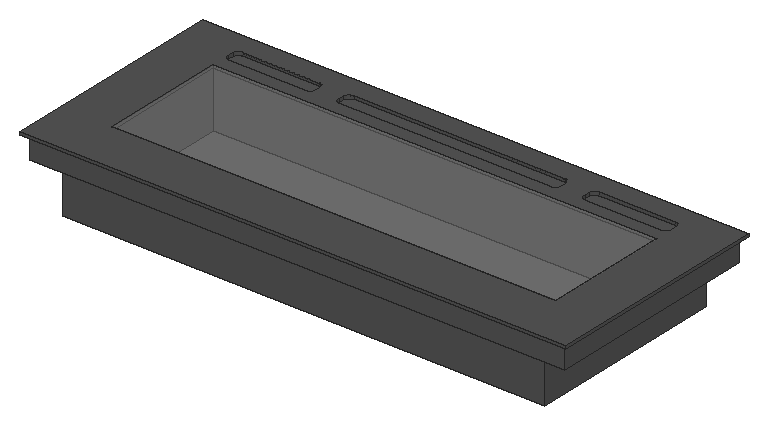
Revit family "Fireplace_Electric_Heatilator_SimpliFire-Allusion", category Generic Models, host Face, Revit 2015
Parameters (values of type "39 x 11 Viewing Area")
  Warranty Duration (Years) = 0
  Unit Width = 4' - 0 7/16"
  Unit Weight = 0
  Unit Height = 1' - 8 1/4"
  URL = "http://www.heatilator.com/"
  Test Data = ""
  Standards Conformance = "CSA 22.2 46-M1988"
  Specification = "http://www.arcat.com/sdspecs/htm04/10_31_08hea.htm"
  SpecWizard = ""
  Send Message = "http://www.arcat.com/users.pl?action=UserEmail&amp;company=Heatilator<sup><small></small></sup>&amp;coid=49248&amp;rep=144&amp;fax=&amp;mf=95"
  Sales Information = "http://www.heatilator.com/Contact-Us.aspx"
  Revision = "R1_2018-05"
  Rear Width = 3' - 6 13/16"
  Rear Second Width = 3' - 11 1/2"
  Rear Second Height = 1' - 7 3/8"
  Rear Height = 1' - 5 13/16"
  Product Properties = ""
  Product Data = "http://www.arcat.com/arcatcos/cos9549/arc49248.html"
  Opening Width = 3' - 3 3/8"
  Opening Height = 0' - 11 1/4"
  Mounting Height [instance] = 2' - 0"
  Mounted_Wall [instance] = yes
  Mounted_Partial Recess [instance] = no
  Mounted_Full Recess [instance] = no
  Model = "SF-ALL48-BK"
  Manufacturer Website = "http://www.heatilator.com/"
  Manufacturer Phone - Toll Free = "800-927-6841"
  Manufacturer Phone = ""
  Manufacturer Fax = ""
  Manufacturer Address = "7571 215th St. W.  Lakeville, MN 55044"
  Manufacturer = "Heatilator"
  Maintenance Schedule (Months) = 0
  Keynote = "10305"
  Installation-Fabrication = ""
  Installation Phase = ""
  HVAC_BTU Output = 4800.0 Btu/h
  HVAC_BTU Input [instance] = 5000.0 Btu/h
  Green Building-LEED = ""
  Glazing Tint [instance] = Glass - HHT - Clear
  Fuel Type = "120V or 240V"
  Fixture Finish [instance] = Metal - HHT - Black
  Expected Lifespan (Years) = 0
  Electrical_Wattage = 1500 W
  Electrical_Voltage = 120 V
  Electrical_Phase = 1
  Electrical_Frequency = 60 Hz
  Electrical_Amperage = 12.5 A
  Efficiency Ratings = "as Specified"
  Drawn By = "Sumex Design, Inc. / Robert S. Weygant, CSI, CDT, SCIP"
  Description = "Heatilator Electric Fireplace - Simplifire Allusion 48 as Specified"
  Offset from Wall [instance] = if(Mounted_Wall, 0' 6", if(Mounted_Partial Recess, 0' 2", 0' 0"))  # 0' - 6"
  Default Elevation = 0' - 0"
  Copyright = "©Arcat Inc."
  Construction Details = "http://www.arcat.com/details/heatil/heatil.html?coid=49248"
  Building Codes = ""
  Assembly Code = "D3020"
Types (2): name | Unit Width | Rear Width | Rear Second Width | Opening Width | Model | Description
  39 x 11 Viewing Area | 4' - 0 7/16" | 3' - 6 13/16" | 3' - 11 1/2" | 3' - 3 3/8" | "SF-ALL48-BK" | "Heatilator Electric Fireplace - Simplifire Allusion 48 as Specified"
  51 x 11 Viewing Area | 5' - 0 1/4" | 4' - 6 5/8" | 4' - 11 3/8" | 4' - 3 3/16" | "SF-ALL60-BK" | "Heatilator Electric Fireplace - Simplifire Allusion 60 as Specified"
Reference planes (in)
  plane 1 "X": y = -15.59483
  plane 2: z = 0
  plane 3 "Center (Left/Right)": x = 0
  plane 4 "FF": y = -39.59483
  plane 5: y = 4.65517
  plane 6: x = -24.21875
  plane 7: x = 24.21875
  plane 8: z = 6.25
  plane 9: x = -21.40625
  plane 10: x = 21.40625
  plane 11: y = 0.15517
  plane 12: y = -11.09483
  plane 13: x = -19.6875
  plane 14: x = 19.6875
  plane 15: z = 6
  plane 16: y = -5.46983
  plane 17: y = 3.43642
  plane 18: y = -14.37608
  plane 19: x = -23.75
  plane 20: x = 23.75
  plane 21: y = 4.21767
  plane 22: y = -15.15733
  plane 23: x = -9.875
  plane 24: x = 9.875
Forms (in)
  Extrusion 1, solid, material "Metal - HHT - Black" <- "Fixture Finish"
    sketch origin (0, -33.59483, 6) x (1, 0, 0) y (0, -1, 0)
      loop
        line (-21.40625, -37.03125) -> (21.40625, -37.03125) -> (21.40625, -19.21875) -> (-21.40625, -19.21875) -> (-21.40625, -37.03125)
      loop
        line (-19.6875, -33.75) -> (19.6875, -33.75) -> (19.6875, -22.5) -> (-19.6875, -22.5) -> (-19.6875, -33.75)
    from 0 to 6
  Extrusion 2, solid, material "Metal - HHT - Black" <- "Fixture Finish"
    sketch origin (0, -41.82228, 6.25) x (0, -1, 0) y (1, 0, 0)
      loop
        line (-46.47745, -24.21875) -> (-26.22745, -24.21875) -> (-26.22745, 24.21875) -> (-46.47745, 24.21875) -> (-46.47745, -24.21875)
      loop
        line (-41.97745, -19.6875) -> (-30.72745, -19.6875) -> (-30.72745, 19.6875) -> (-41.97745, 19.6875) -> (-41.97745, -19.6875)
      loop
        arc (-44.63622, -19.1875) -> (-44.48977, -19.54105) -> (-44.13622, -19.6875) r 0.5
        line (-44.13622, -19.6875) -> (-43.63622, -19.6875)
        arc (-43.63622, -19.6875) -> (-43.28266, -19.54105) -> (-43.13622, -19.1875) r 0.5
        line (-43.13622, -19.1875) -> (-43.13622, -12.4375)
        arc (-43.13622, -12.4375) -> (-43.28266, -12.08395) -> (-43.63622, -11.9375) r 0.5
        line (-43.63622, -11.9375) -> (-44.13622, -11.9375)
        arc (-44.13622, -11.9375) -> (-44.48977, -12.08395) -> (-44.63622, -12.4375) r 0.5
        line (-44.63622, -12.4375) -> (-44.63622, -19.1875)
      loop
        line (-44.63622, 19.1875) -> (-44.63622, 12.4375)
        arc (-44.63622, 12.4375) -> (-44.48977, 12.08395) -> (-44.13622, 11.9375) r 0.5
        line (-44.13622, 11.9375) -> (-43.63622, 11.9375)
        arc (-43.63622, 11.9375) -> (-43.28266, 12.08395) -> (-43.13622, 12.4375) r 0.5
        line (-43.13622, 12.4375) -> (-43.13622, 19.1875)
        arc (-43.13622, 19.1875) -> (-43.28266, 19.54105) -> (-43.63622, 19.6875) r 0.5
        line (-43.63622, 19.6875) -> (-44.13622, 19.6875)
        arc (-44.13622, 19.6875) -> (-44.48977, 19.54105) -> (-44.63622, 19.1875) r 0.5
      loop
        line (-44.63622, 9.375) -> (-44.63622, -9.375)
        arc (-44.63622, -9.375) -> (-44.48977, -9.72855) -> (-44.13622, -9.875) r 0.5
        line (-44.13622, -9.875) -> (-43.63622, -9.875)
        arc (-43.63622, -9.875) -> (-43.28266, -9.72855) -> (-43.13622, -9.375) r 0.5
        line (-43.13622, -9.375) -> (-43.13622, 9.375)
        arc (-43.13622, 9.375) -> (-43.28266, 9.72855) -> (-43.63622, 9.875) r 0.5
        line (-43.63622, 9.875) -> (-44.13622, 9.875)
        arc (-44.13622, 9.875) -> (-44.48977, 9.72855) -> (-44.63622, 9.375) r 0.5
    from 0 to -0.25
  Extrusion 3, solid, material "Metal - HHT - Black" <- "Fixture Finish"
    sketch origin (0, -33.59483, 6) x (1, 0, 0) y (0, -1, 0)
      loop
        line (-19.6875, -33.75) -> (19.6875, -33.75) -> (19.6875, -22.5) -> (-19.6875, -22.5) -> (-19.6875, -33.75)
    from 4.93909 to 6
  Extrusion 4, solid, material "Glass - HHT - Clear" <- "Glazing Tint"
    sketch origin (0, 0, 0) x (1, 0, 0) y (0, 1, 0)
      loop
        line (-19.6875, 0.15517) -> (-19.6875, -11.09483) -> (19.6875, -11.09483) -> (19.6875, 0.15517) -> (-19.6875, 0.15517)
    from 6 to 6.25
  Extrusion 5, solid, material "Metal - HHT - Black" <- "Fixture Finish"
    sketch origin (0, -33.59483, 6) x (1, 0, 0) y (0, -1, 0)
      loop
        line (-23.75, -37.8125) -> (23.75, -37.8125) -> (23.75, -18.4375) -> (-23.75, -18.4375) -> (-23.75, -37.8125)
      loop
        line (-21.40625, -37.03125) -> (21.40625, -37.03125) -> (21.40625, -19.21875) -> (-21.40625, -19.21875) -> (-21.40625, -37.03125)
    from 0 to 2
Dimensions and locks (in)
  "Mounting Height": plane 1 "X" to plane 4 "FF"
  equal spacing: plane 6, plane 3 "Center (Left/Right)", plane 7
  "Unit Width": plane 6 to plane 7
  equal spacing: plane 9, plane 3 "Center (Left/Right)", plane 10
  "Rear Width": plane 9 to plane 10
  equal spacing: plane 13, plane 3 "Center (Left/Right)", plane 14
  "Opening Width": plane 13 to plane 14
  "Unit Height": plane 1 "X" to plane 5
  "Offset from Wall": plane 15 to level
  locked: plane 15 to plane 8 at 0.25
  equal spacing: plane 5, plane 16, plane 1 "X"
  equal spacing: plane 17, plane 16, plane 18
  "Rear Height": plane 17 to plane 18
  equal spacing: plane 11, plane 16, plane 12
  "Opening Height": plane 11 to plane 12
  equal spacing: plane 21, plane 16, plane 22
  "Rear Second Height": plane 21 to plane 22
  equal spacing: plane 19, plane 3 "Center (Left/Right)", plane 20
  "Rear Second Width": plane 19 to plane 20
  plane 23 to plane 3 "Center (Left/Right)" to plane 24 = 0' - 9 7/8" locked, 0' - 9 7/8" locked
  locked: plane 24 to Extrusion 2 sketch curve at 2.0625
  locked: Extrusion 2 sketch curve to plane 23 at 2.0625
  aligned and locked: plane 2 to host face
  aligned and locked: level to host face
  aligned and locked: Extrusion 2 sketch curve to plane 7
  aligned and locked: plane 6 to Extrusion 2 sketch curve
  aligned and locked: Extrusion 2 sketch curve to plane 5
  aligned and locked: plane 9 to Extrusion 1 sketch curve
  aligned and locked: Extrusion 1 sketch curve to plane 10
  aligned and locked: Extrusion 2 sketch curve to plane 11
  aligned and locked: plane 13 to Extrusion 2 sketch curve
  aligned and locked: Extrusion 2 sketch curve to plane 12
  aligned and locked: Extrusion 2 sketch curve to plane 14
  aligned and locked: Extrusion 1 sketch curve to Extrusion 2  (x3)
  aligned and locked: Extrusion 1 sketch curve to plane 14
  aligned and locked: Extrusion 3 sketch curve to Extrusion 1  (x4)
  aligned and locked: Extrusion 4 sketch curve to Extrusion 1  (x4)
  aligned and locked: plane 8 to Extrusion 4
  aligned and locked: plane 15 to Extrusion 4
  aligned and locked: Extrusion 1 sketch curve to plane 17
  aligned and locked: plane 18 to Extrusion 1 sketch curve
  aligned and locked: Extrusion 5 sketch curve to plane 21
  aligned and locked: plane 19 to Extrusion 5 sketch curve
  aligned and locked: plane 22 to Extrusion 5 sketch curve
  aligned and locked: Extrusion 5 sketch curve to plane 20
  aligned and locked: Extrusion 5 sketch curve to plane 10
  aligned and locked: Extrusion 5 sketch curve to plane 17
  aligned and locked: plane 18 to Extrusion 5 sketch curve
  aligned and locked: plane 9 to Extrusion 5 sketch curve
  aligned and locked: plane 23 to Extrusion 2 sketch curve
  aligned and locked: Extrusion 2 sketch curve to plane 24
Automatic sketch dimensions
  host sketch curve to host sketch curve = 8' - 0"  (x2)
  Extrusion 2 sketch curve to plane 14 = 0' - 0"
  Extrusion 2 sketch curve to plane 13 = 0' - 0"
  plane 1 "X" to Extrusion 2 sketch curve = 0' - 0"
  Extrusion 2 sketch curve to plane 17 = 0' - 0.62248"  (x3)
  Extrusion 2 sketch curve to Extrusion 2 sketch curve = 0' - 0 1/2"  (x13)
  Extrusion 2 sketch curve to plane 14 = 0' - 0 1/2"  (x2)
Connectors (in)
  electrical at (0, -5.46983, 0), driven by "Electrical_Voltage", driven by "Electrical_Phase"
    settings: on Extrusion 1, index 1, voltage 120 V, apparent load 0 VA, apparent load phase1 0 VA, apparent load phase2 0 VA, apparent load phase3 0 VA, power factor 1, load classification "Other", number of poles 1, system type 31, power factor state 1, is connector primary yes, connector utility no, sub classification motor no, connector description ""
